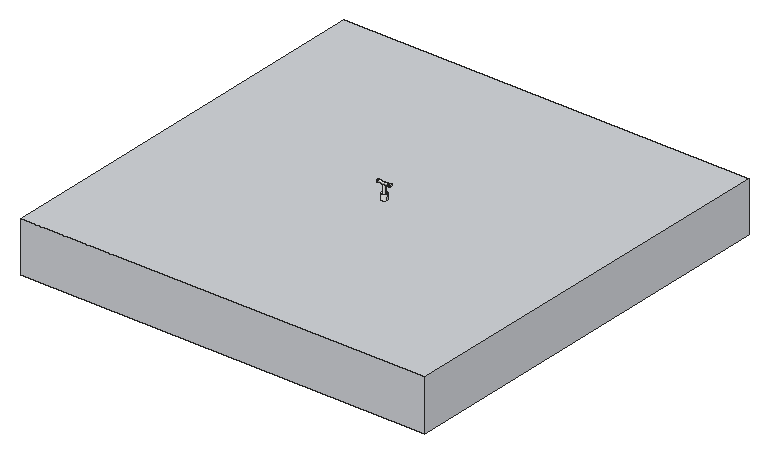
Revit family "Robe_Hook-Grohe-ATRIO-40312_Series", category Specialty Equipment, host Face, Revit 2014
Parameters (values of type "40312003")
  cUPC Compliant = yes
  Width = 1 3/8"  # constant formula
  Warranty Documentation Link = "https://cdn.cloud.grohe.com/tpi/1000/1900/1940/1949/1949006/original/1949006.pdf"
  URL = "https://www.grohe.us"
  Type Comments = ""
  Product Page URL = "https://www.grohe.us/en_us/grohe-atrio-robe-hook-40312003.html"
  Price = "Prices may vary. Please consult Manufacturer Representative for most up-to-date price list."  # constant formula
  Model = "40312003"
  Material = "Metal-Grohe-Chrome"
  Manufacturer = "Grohe"  # constant formula
  Length = 3"  # constant formula
  Installation Type = "Wall Mounted"  # constant formula
  Height = 3 5/8"  # constant formula
  Finish = Metal-Grohe-Chrome
  Description = "Atrio Robe Hook"  # constant formula
  Default Elevation = 40"  # constant formula
  Creation Date = "11/02/2018"  # constant formula
  Assembly Code = "C1030200"
Types (2): name | Product Page URL | Model | Material | Finish
  40312003 | "https://www.grohe.us/en_us/grohe-atrio-robe-hook-40312003.html" | "40312003" | "Metal-Grohe-Chrome" | Metal-Grohe-Chrome
  40312EN3 | "https://www.grohe.us/en_us/atrio-robe-hook-40312EN3.html" | "40313EN3" | "Metal-Grohe-Brushed Nickel" | Metal-Grohe-Brushed Nickel
Reference planes (in)
  plane 1 "Center (Front/Back)": y = 0
  plane 2: z = 0
  plane 3 "Center (Left/Right)": x = 0
  plane 4: x = -0.6875
  plane 5: x = 1.5
  plane 6: x = -0.25
  plane 7: x = 0.25
  plane 8: z = 3.625
  plane 9: x = -1.5
  plane 10: z = 1.125
  plane 11: x = 0.6875
Forms (in)
  Extrusion 1, solid
    sketch origin (0, 0, 0) x (1, 0, 0) y (0, 1, 0)
      loop
        line (-48, 48) -> (-48, -48) -> (48, -48) -> (48, 48) -> (-48, 48)
    from 0 to -12
  Extrusion 2, solid, material "Metal-Grohe-Chrome" <- "Finish"
    sketch origin (0, 0, 0) x (1, 0, 0) y (0, 1, 0)
      loop
        circle (0, 0) r 0.6875
    from 0 to 1.125
  Extrusion 3, solid, material "Metal-Grohe-Chrome" <- "Finish"
    sketch origin (0, 0, 0) x (1, 0, 0) y (0, 1, 0)
      loop
        circle (0, 0) r 0.25
    from 0 to 3.36719
  Revolve 4, solid, material "Metal-Grohe-Chrome" <- "Finish"
    sketch origin (0, 0, 0) x (1, 0, 0) y (0, 0, 1)
      loop
        line (-1.5, 3.32031) -> (1.5, 3.32031) -> (1.5, 3.625) -> (1.375, 3.625) -> (1.375, 3.58033) -> (-1.375, 3.58033) -> (-1.375, 3.625) -> (-1.5, 3.625) -> (-1.5, 3.32031)
      axis (-1.5, 3.32031) -> (1.5, 3.32031)
    angle from 0 to 360
Cuts and joins
  joined: Extrusion 2, Extrusion 3, Revolve 4
Lines and regions (in)
  Masking region 1
    outline origin (0, 0, 0) x (1, 0, 0) y (0, 0, 1)
      loop
        line (0.6875, 0) -> (0.6875, 1.125) -> (0.25, 1.125) -> (0.25, 3.0603) -> (1.375, 3.0603) -> (1.375, 3.01563) -> (1.5, 3.01563) -> (1.5, 3.625) -> (1.375, 3.625) -> (1.375, 3.58038) -> (-1.375, 3.58038) -> (-1.375, 3.625) -> (-1.5, 3.625) -> (-1.5, 3.01563) -> (-1.375, 3.01563) -> (-1.375, 3.0603) -> (-0.25, 3.0603) -> (-0.25, 1.125) -> (-0.6875, 1.125) -> (-0.6875, 0) -> (0.6875, 0)
  symbolic lines, detail levels medium+fine
    curve 1: line (1.375, 0, 3.58038) -> (1.375, 0, 3.0603)
    curve 2: line (-1.375, 0, 3.58033) -> (-1.375, 0, 3.0603)
    curve 4: line (0.25, 0, 1.125) -> (-0.25, 0, 1.125)
  symbolic lines, detail levels fine
    curve 3: line (-0.25, 0, 3.0603) -> (0.25, 0, 3.0603)
Dimensions and locks (in)
  plane 9 to plane 5 = 3"
  "Height": Extrusion 1 to plane 8
  locked: Revolve 4 sketch curve to plane 8 at 0.04467
  Revolve 4 sketch curve to Revolve 4 sketch curve = 0.26001"
  locked: Extrusion 1 to plane 10 at 1.125
  equal spacing: plane 9, plane 3 "Center (Left/Right)", plane 5
  aligned and locked: plane 2 to Extrusion 1
  aligned and locked: level to Extrusion 1
  aligned and locked: Revolve 4 sketch curve to Revolve 4 sketch curve
  aligned and locked: plane 5 to Revolve 4 sketch curve
  aligned and locked: Revolve 4 sketch curve to plane 9
  aligned and locked: plane 8 to Revolve 4 sketch curve  (x2)
  aligned and locked: plane 10 to Extrusion 2
  aligned and locked: Extrusion 1 to Masking region 1 sketch curve
  aligned and locked: Masking region 1 sketch curve to cut or joined group of Extrusion 2, Extrusion 3, Revolve 4  (x8)
  aligned and locked: Masking region 1 to plane 11
Automatic sketch dimensions
  Extrusion 1 sketch curve to Extrusion 1 sketch curve = 96"  (x2)
  plane 1 "Center (Front/Back)" to Extrusion 2 sketch curve = 0"
  Extrusion 2 sketch curve to plane 3 "Center (Left/Right)" = 0"
  plane 1 "Center (Front/Back)" to Extrusion 3 sketch curve = 0"
  Extrusion 3 sketch curve to plane 3 "Center (Left/Right)" = 0"
  Revolve 4 sketch curve to plane 9 = 1/8"
  plane 5 to Revolve 4 sketch curve = 1/8"
  Revolve 4 sketch curve to plane 5 = 0.09226"
  Revolve 4 sketch curve to Revolve 4 sketch curve = 0.07694"
  Masking region 1 sketch curve to plane 6 = 0"
  Masking region 1 sketch curve to plane 7 = 0"
  Masking region 1 sketch curve to plane 10 = 0"
  Masking region 1 sketch curve to plane 8 = 0"  (x2)
  Masking region 1 sketch curve to plane 9 = 1/8"
  plane 5 to Masking region 1 sketch curve = 1/8"
  plane 8 to Masking region 1 sketch curve = 39/64"
  Masking region 1 sketch curve to Masking region 1 sketch curve = 0.04467"  (x2)
  plane 8 to Masking region 1 sketch curve = 0.04462"
  curve 4 to plane 6 = 0"
  curve 3 to plane 6 = 0"
  curve 4 to plane 7 = 0"
  curve 3 to plane 7 = 0"
  curve 4 to plane 10 = 0"
  curve 2 to plane 9 = 1/8"
  plane 8 to curve 1 = 0.04462"
  plane 5 to curve 1 = 1/8"
  plane 8 to curve 3 = 0.5647"
  plane 8 to curve 2 = 0.5647"
  curve 1 to curve 1 = 0.52008"
  plane 8 to curve 2 = 0.04467"
  radius of Extrusion 2 sketch curve = 11/16"
  radius of Extrusion 3 sketch curve = 1/4"
